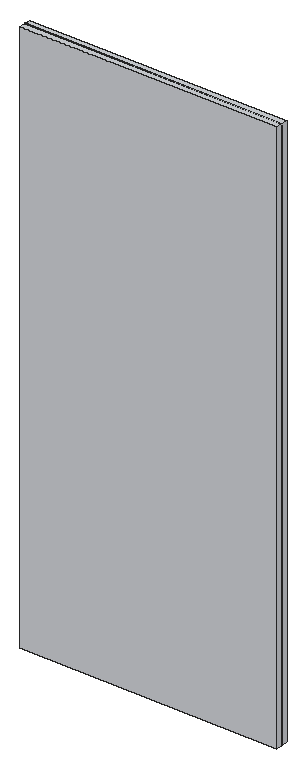
Revit family "Door", category Doors, host Wall, Revit 2025
Family settings
  Host = Wall
  OmniClass Number = 23.30.10.00
  OmniClass Title = Doors
  Always vertical = Yes
  Cut with Voids When Loaded = No
  Shared = No
  Room Calculation Point = No
Parameters (values of type "9")
  Thickness = 0' - 1 3/4"
  S_Swing Length = Door Width - 0' 2"  # 2' - 10"
  S_Door Thickness = 0' - 1 3/4"
  S_Door A = 75.00°
  Door Thickness = 0' - 4"
  S_Door Margin = 0' - 3 3/4"
  S_Door Inner Thickness = 0' - 3"
  S_Door G = 0' - 1.22013"
  Function = Interior
  Freezer = yes
  Frame Width Upper = 0' - 0 1/32"
  Frame Thickness = 0' - 0 1/32"
  Frame Width = 0' - 0 1/32"
  Height = Door Height + Frame Width Upper  # 6' - 6 1/32"
  Wall Closure = By host
  Width = Door Width + (2 * Frame Width)  # 3' - 0 1/16"
  S_Frame Head = 0' - 5"
  S_Frame Vert 1 = 0' - 1"
  S_Frame Vert 2 = 0' - 0.01"
  S_Frame Hori 2 = 0' - 5.01"
  S_Frame Hori 1 = 0' - 3 3/4"
  S_Door Swing Length = Door Width  # 3' - 0"
  Door Width = 3' - 0"
  Door Height = 6' - 6"
  Define Thermal Properties by = Schematic Type
  Analytic Construction = "<None>"
Types (3): name | S_Swing Length | S_Door A | Door Thickness | S_Door Margin | Freezer | Frame Width Upper | Frame Thickness | Frame Width | Height | Width | S_Frame Head | S_Frame Vert 2 | S_Frame Hori 2 | S_Frame Hori 1 | S_Door Swing Length | Door Width | Door Height
  3A | 3' - 10" | 81.0937° | 0' - 1 3/4" | 0' - 2" | no | 0' - 4" | 0' - 6" | 0' - 2" | 7' - 4" | 4' - 4" | 0' - 3" | 0' - 1" | 0' - 2" | 0' - 2" | 4' - 0" | 4' - 0" | 7' - 0"
  9 | 2' - 10" | 75.00° | 0' - 4" | 0' - 3 3/4" | yes | 0' - 0 1/32" | 0' - 0 1/32" | 0' - 0 1/32" | 6' - 6 1/32" | 3' - 0 1/16" | 0' - 5" | 0' - 0.01" | 0' - 5.01" | 0' - 3 3/4" | 3' - 0" | 3' - 0" | 6' - 6"
  15 | 2' - 10" | 81.0937° | 0' - 1 3/4" | 0' - 2" | no | 0' - 4" | 0' - 6" | 0' - 2" | 7' - 4" | 3' - 4" | 0' - 3" | 0' - 1" | 0' - 2" | 0' - 2" | 3' - 0" | 3' - 0" | 7' - 0"
Reference planes (in)
  plane 1 "Center (Front/Back)": y = 0
  plane 2 "Center (Left/Right)": x = 0
  plane 3 "Left": x = -18.03125
  plane 4 "Right": x = 18.03125
  plane 5 "Top": z = 78.03125
  plane 6 "Exterior": y = 7
  plane 7 "Interior": y = -7
  plane 8: y = 0
  plane 9: y = -0.01562
  plane 10: y = 0.01562
  plane 11: y = 1.23575
  plane 12: y = 47
  plane 13: x = 18
Forms (in)
  Extrusion 1, solid, detail levels fine
    sketch origin (0, 0, 0) x (1, 0, 0) y (0, 1, 0)
      loop
        line (-18, 0.875) -> (-18, -0.875) -> (18, -0.875) -> (18, 0.875) -> (-18, 0.875)
    from 0 to 78
  Extrusion 2, solid, detail levels fine
    sketch origin (0, 0, 0) x (1, 0, 0) y (0, 0, 1)
      loop
        line (-18.03125, 0) -> (-18, 0) -> (-18, 78) -> (18, 78) -> (18, 0) -> (18.03125, 0) -> (18.03125, 78.03125) -> (-18.03125, 78.03125) -> (-18.03125, 0)
    from -0.01563 to 0.01562
Lines and regions (in)
  Opening 1
    outline origin (-90, -7, 0) x (1, 0, 0) y (0, 0, 1)
      loop
        line (71.96875, 0) -> (108.03125, 0) -> (108.03125, 78.03125) -> (71.96875, 78.03125) -> (71.96875, 0)
  symbolic lines
    curve 1: line (-14.28125, 0.01562, 0) -> (-14.28125, 36.01562, 0)
    curve 2: line (-14.28125, 36.01562, 0) -> (-19.71875, 36.01562, 0)
    curve 3: line (-12.53125, 36.01562, 0) -> (-12.53125, 0.01562, 0)
    curve 15: line (-18.03125, 0.01562, 0) -> (-14.28125, 0.01562, 0)
    curve 16: line (-14.28125, 0.01562, 0) -> (-14.28125, -0.98438, 0)
    curve 17: line (-14.28125, -0.98438, 0) -> (-13.03125, -0.98438, 0)
    curve 18: line (-13.03125, -0.98438, 0) -> (-13.03125, -0.00562, 0)
    curve 19: line (-13.03125, -0.00562, 0) -> (-13.02125, -0.00562, 0)
    curve 20: line (-13.02125, -0.00562, 0) -> (-13.02125, -0.01562, 0)
    curve 21: line (-13.02125, -0.01562, 0) -> (-18.03125, -0.01562, 0)
    curve 22: line (-14.28125, 0.01562, 0) -> (-12.53125, 0.01562, 0)
    curve 23: line (18.03125, 0.01562, 0) -> (18, 0.01562, 0)
    curve 24: line (14.28125, 2.01562, 0) -> (14.28125, -0.98438, 0)
    curve 25: line (14.28125, -0.98438, 0) -> (13.03125, -0.98438, 0)
    curve 26: line (13.03125, -0.98438, 0) -> (13.03125, -0.00562, 0)
    curve 27: line (13.03125, -0.00562, 0) -> (13.02125, -0.00562, 0)
    curve 28: line (13.02125, -0.00562, 0) -> (13.02125, -0.01562, 0)
    curve 29: line (13.02125, -0.01562, 0) -> (18.03125, -0.01562, 0)
    curve 30: line (-12.53125, 0.01562, 0) -> (18, 0.01562, 0)
    curve 31: line (13.02125, -0.01562, 0) -> (-13.02125, -0.01562, 0)
    curve 32: arc (-19.71875, 36.01562, 0) -> (4.32288, 26.05726, 0) -> (14.28125, 2.01562, 0) r 34
  symbolic lines, not visible
    curve 4: line (23, 1, 0) -> (23, -1, 0)
    curve 5: line (23, -1, 0) -> (24, -1, 0)
    curve 6: line (24, -1, 0) -> (24, -3, 0)
    curve 7: line (24, -3, 0) -> (26, -3, 0)
    curve 8: line (26, -3, 0) -> (26, 3, 0)
    curve 9: line (26, 3, 0) -> (24, 3, 0)
    curve 10: line (24, 3, 0) -> (24, 1, 0)
    curve 11: line (24, 1, 0) -> (23, 1, 0)
  symbolic lines, visible <- "Freezer"
    curve 12: line (-9.53125, 33.99165, 0) -> (-9.53125, 2.0396, 0)
    curve 13: line (-9.53125, 33.99165, 0) -> (-12.53125, 34.7955, 0)
    curve 14: line (-9.53125, 2.0396, 0) -> (-12.53125, 1.23575, 0)
Text (in)
  text "Exterior" at (-71.22539, 20.51343, 0), in view "Ref. Level"
  text "Interior" at (-71.22539, -15.26908, 0), in view "Ref. Level"
  text "Exterior" at (0, 40.15149, 123.01588), in view "Right"
  text "Interior" at (0, -64.39139, 123.01588), in view "Right"
  text "Interior" at (0, -31.01599, 123.00693), in view "Left"
  text "Exterior" at (0, 54.57065, 123.00693), in view "Left"
Dimensions and locks (in)
  equal spacing: Extrusion 1 sketch curve, host wall, Extrusion 1 sketch curve
  "Thickness": Extrusion 1 sketch curve to Extrusion 1 sketch curve
  equal spacing: plane 3 "Left", plane 2 "Center (Left/Right)", plane 4 "Right"
  "Width": plane 3 "Left" to plane 4 "Right"
  "Frame Width": Extrusion 2 sketch curve to Extrusion 2 sketch curve  (x2)
  "Frame Width Upper": plane 5 "Top" to Extrusion 2 sketch curve
  equal spacing: plane 10, plane 8, plane 9
  "Frame Thickness": plane 9 to plane 10
  "Height": plane 5 "Top" to level
  "S_Door Inner Thickness": curve 3 to curve 12
  "S_Door Thickness": curve 1 to curve 3
  "S_Door Margin": plane 3 "Left" to curve 1
  "S_Frame Hori 1": plane 3 "Left" to curve 16
  "S_Frame Hori 2": plane 3 "Left" to curve 20
  "S_Frame Vert 1": curve 17 to plane 10
  "S_Frame Vert 2": curve 19 to plane 9
  "S_Frame Head": plane 3 "Left" to curve 18
  "S_Frame Hori 1": curve 24 to plane 4 "Right"
  "S_Frame Hori 2": curve 28 to plane 4 "Right"
  "S_Frame Vert 2": curve 27 to plane 9
  "S_Frame Vert 1": plane 10 to curve 25
  "S_Frame Head": curve 26 to plane 4 "Right"
  "S_Door Swing Length": plane 10 to curve 2
  "S_Door G": plane 11 to plane 10
  "S_Door G": curve 13 to curve 2
  Extrusion 2 to level = 6' - 6"
  plane 3 "Left" to plane 4 "Right" = 3' - 0 1/16"
  Extrusion 2 to Extrusion 2 = 3' - 0"
  "S_Swing Length": radius of curve 32
  "S_Door A": angle curve 3 to curve 13
  "S_Door A": angle curve 14 to curve 3
  aligned and locked: plane 3 "Left" to Opening 1 sketch curve
  aligned and locked: plane 5 "Top" to Opening 1 sketch curve  (x2)
  aligned and locked: Opening 1 sketch curve to plane 4 "Right"
  aligned and locked: Opening 1 sketch curve to level
  aligned and locked: plane 6 "Exterior" to host wall
  aligned and locked: plane 7 "Interior" to host wall
  aligned and locked: plane 3 "Left" to Extrusion 2 sketch curve
  aligned and locked: Extrusion 2 sketch curve to plane 4 "Right"
  aligned and locked: Extrusion 2 sketch curve to plane 5 "Top"
  aligned and locked: Extrusion 2 to plane 10
  aligned and locked: Extrusion 2 to plane 9
  aligned and locked: Extrusion 1 sketch curve to Extrusion 2  (x2)
  aligned and locked: Extrusion 1 to Extrusion 2
  aligned and locked: plane 3 "Left" to curve 15
  aligned and locked: plane 3 "Left" to curve 21
  aligned and locked: plane 9 to curve 21
  aligned and locked: plane 10 to curve 15
  aligned and locked: plane 10 to curve 22
  aligned and locked: plane 4 "Right" to curve 23
  aligned and locked: plane 4 "Right" to curve 29
  aligned and locked: curve 23 to plane 10
  aligned and locked: plane 10 to curve 30
  aligned and locked: plane 9 to curve 31
  aligned and locked: curve 28 to curve 31
  aligned and locked: curve 20 to curve 31
  aligned and locked: curve 14 to plane 11
Automatic sketch dimensions
  Extrusion 2 sketch curve to level = 0' - 0"  (x2)
  curve 23 to plane 13 = 0' - 0"
